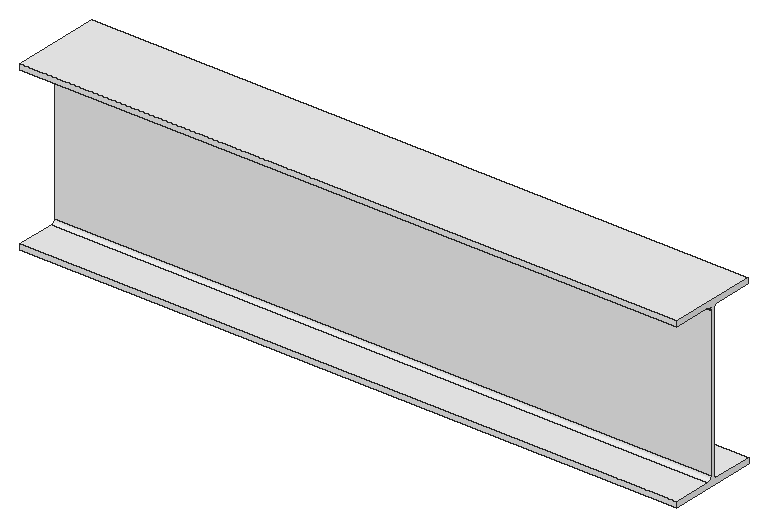
Revit family "M_W Formas", category Quadro estrutural, Revit 2019 (continued)
Types in the file's own list only (279): name | Largura | Espessura da teia | Concordância da teia | Constante da empena | Momento de inércia de torção | Chave do nome do corte | Área de corte | Eixo fraco do módulo plástico | Eixo forte do módulo plástico | Perímetro | Peso nominal | Eixo fraco do momento de inércia | Eixo forte do momento de inércia | Altura | Espessura do flange | Eixo fraco do módulo de elasticidade | Eixo forte do módulo de elasticidade | Centróide vertical | Centróide horizontal | Espaçamento do parafuso
  W460X315 | 295.00 mm | 26.90 mm | 10.20 mm | 11700000000000.0 mm6 | 24400000.00 mm4 | W18x211 | 40200.0 mm² | 2160000.0 mm³ | 8030000.0 mm³ | 2.16 m²/m | 315.00 kgf/m | 205000000.00 mm4 | 1800000000.00 mm4 | 526.00 mm | 48.50 mm | 1400000.0 mm³ | 6870000.0 mm³ | 263.00 mm | 147.50 mm | 139.7 mm
  W460X286 | 292.00 mm | 24.40 mm | 10.10 mm | 10200000000000.0 mm6 | 18600000.00 mm4 | W18x192 | 36300.0 mm² | 1950000.0 mm³ | 7240000.0 mm³ | 2.14 m²/m | 286.00 kgf/m | 183000000.00 mm4 | 1610000000.00 mm4 | 518.00 mm | 44.50 mm | 1260000.0 mm³ | 6230000.0 mm³ | 259.00 mm | 146.00 mm | 139.7 mm
  W460X260 | 290.00 mm | 22.60 mm | 10.10 mm | 8940000000000.0 mm6 | 14100000.00 mm4 | W18x175 | 33200.0 mm² | 1740000.0 mm³ | 6520000.0 mm³ | 2.11 m²/m | 260.00 kgf/m | 163000000.00 mm4 | 1440000000.00 mm4 | 508.00 mm | 40.40 mm | 1130000.0 mm³ | 5640000.0 mm³ | 254.00 mm | 145.00 mm | 139.7 mm
  W460X235 | 287.00 mm | 20.60 mm | 10.10 mm | 7790000000000.0 mm6 | 10500000.00 mm4 | W18x158 | 29900.0 mm² | 1550000.0 mm³ | 5830000.0 mm³ | 2.09 m²/m | 235.00 kgf/m | 144000000.00 mm4 | 1270000000.00 mm4 | 500.00 mm | 36.60 mm | 1010000.0 mm³ | 5080000.0 mm³ | 250.00 mm | 143.50 mm | 139.7 mm
  W460X213 | 284.00 mm | 18.50 mm | 10.20 mm | 6900000000000.0 mm6 | 7990000.00 mm4 | W18x143 | 27100.0 mm² | 1400000.0 mm³ | 5280000.0 mm³ | 2.07 m²/m | 213.00 kgf/m | 129000000.00 mm4 | 1140000000.00 mm4 | 495.00 mm | 33.50 mm | 909000.0 mm³ | 4620000.0 mm³ | 247.50 mm | 142.00 mm | 139.7 mm
  W460X193 | 284.00 mm | 17.00 mm | 10.10 mm | 6100000000000.0 mm6 | 6040000.00 mm4 | W18x130 | 24700.0 mm² | 1260000.0 mm³ | 4750000.0 mm³ | 2.07 m²/m | 193.00 kgf/m | 116000000.00 mm4 | 1020000000.00 mm4 | 490.00 mm | 30.50 mm | 818000.0 mm³ | 4200000.0 mm³ | 245.00 mm | 142.00 mm | 139.7 mm
  W460X177 | 287.00 mm | 16.60 mm | 10.20 mm | 5450000000000.0 mm6 | 4410000.00 mm4 | W18x119 | 22600.0 mm² | 1130000.0 mm³ | 4290000.0 mm³ | 2.06 m²/m | 177.00 kgf/m | 105000000.00 mm4 | 912000000.00 mm4 | 483.00 mm | 26.90 mm | 736000.0 mm³ | 3790000.0 mm³ | 241.50 mm | 143.50 mm | 139.7 mm
  W460X158 | 284.00 mm | 15.00 mm | 10.10 mm | 4670000000000.0 mm6 | 3110000.00 mm4 | W18x106 | 20100.0 mm² | 991000.0 mm³ | 3770000.0 mm³ | 2.04 m²/m | 158.00 kgf/m | 91600000.00 mm4 | 795000000.00 mm4 | 475.00 mm | 23.90 mm | 646000.0 mm³ | 3340000.0 mm³ | 237.50 mm | 142.00 mm | 139.7 mm
  W460X144 | 282.00 mm | 13.60 mm | 10.20 mm | 4240000000000.0 mm6 | 2440000.00 mm4 | W18x97 | 18400.0 mm² | 906000.0 mm³ | 3460000.0 mm³ | 2.03 m²/m | 144.00 kgf/m | 83700000.00 mm4 | 728000000.00 mm4 | 472.00 mm | 22.10 mm | 592000.0 mm³ | 3080000.0 mm³ | 236.00 mm | 141.00 mm | 139.7 mm
  W460X128 | 282.00 mm | 12.20 mm | 10.10 mm | 3650000000000.0 mm6 | 1710000.00 mm4 | W18x86 | 16300.0 mm² | 793000.0 mm³ | 3050000.0 mm³ | 2.02 m²/m | 128.00 kgf/m | 72800000.00 mm4 | 637000000.00 mm4 | 467.00 mm | 19.60 mm | 518000.0 mm³ | 2720000.0 mm³ | 233.50 mm | 141.00 mm | 139.7 mm
  W460X113 | 279.00 mm | 10.80 mm | 10.10 mm | 3140000000000.0 mm6 | 1180000.00 mm4 | W18x76 | 14400.0 mm² | 692000.0 mm³ | 2670000.0 mm³ | 2.00 m²/m | 113.00 kgf/m | 63300000.00 mm4 | 554000000.00 mm4 | 462.00 mm | 17.30 mm | 452000.0 mm³ | 2390000.0 mm³ | 231.00 mm | 139.50 mm | 139.7 mm
  W460X106 | 194.00 mm | 12.60 mm | 10.10 mm | 1260000000000.0 mm6 | 1450000.00 mm4 | W18x71 | 13500.0 mm² | 405000.0 mm³ | 2390000.0 mm³ | 1.67 m²/m | 106.00 kgf/m | 25100000.00 mm4 | 487000000.00 mm4 | 470.00 mm | 20.60 mm | 259000.0 mm³ | 2080000.0 mm³ | 235.00 mm | 97.00 mm | 88.9 mm
  W460X97 | 193.00 mm | 11.40 mm | 10.10 mm | 1140000000000.0 mm6 | 1140000.00 mm4 | W18x65 | 12300.0 mm² | 369000.0 mm³ | 2180000.0 mm³ | 1.67 m²/m | 97.00 kgf/m | 22800000.00 mm4 | 445000000.00 mm4 | 467.00 mm | 19.10 mm | 236000.0 mm³ | 1920000.0 mm³ | 233.50 mm | 96.50 mm | 88.9 mm
  W460X89 | 192.00 mm | 10.50 mm | 10.20 mm | 1030000000000.0 mm6 | 903000.00 mm4 | W18x60 | 11400.0 mm² | 338000.0 mm³ | 2020000.0 mm³ | 1.65 m²/m | 89.00 kgf/m | 20900000.00 mm4 | 410000000.00 mm4 | 462.00 mm | 17.70 mm | 218000.0 mm³ | 1770000.0 mm³ | 231.00 mm | 96.00 mm | 88.9 mm
  W460X82 | 191.00 mm | 9.91 mm | 10.20 mm | 921000000000.0 mm6 | 691000.00 mm4 | W18x55 | 10500.0 mm² | 303000.0 mm³ | 1840000.0 mm³ | 1.65 m²/m | 82.00 kgf/m | 18700000.00 mm4 | 370000000.00 mm4 | 460.00 mm | 16.00 mm | 195000.0 mm³ | 1610000.0 mm³ | 230.00 mm | 95.50 mm | 88.9 mm
  W460X74 | 191.00 mm | 9.02 mm | 10.20 mm | 816000000000.0 mm6 | 516000.00 mm4 | W18x50 | 9480.0 mm² | 272000.0 mm³ | 1660000.0 mm³ | 1.64 m²/m | 74.00 kgf/m | 16700000.00 mm4 | 333000000.00 mm4 | 457.00 mm | 14.50 mm | 175000.0 mm³ | 1460000.0 mm³ | 228.50 mm | 95.50 mm | 88.9 mm
  W460X68 | 154.00 mm | 9.14 mm | 10.30 mm | 462000000000.0 mm6 | 508000.00 mm4 | W18x46 | 8710.0 mm² | 192000.0 mm³ | 1490000.0 mm³ | 1.50 m²/m | 68.00 kgf/m | 9370000.00 mm4 | 296000000.00 mm4 | 460.00 mm | 15.40 mm | 122000.0 mm³ | 1290000.0 mm³ | 230.00 mm | 77.00 mm | 88.9 mm
  W460X60 | 153.00 mm | 8.00 mm | 10.20 mm | 387000000000.0 mm6 | 337000.00 mm4 | W18x40 | 7610.0 mm² | 164000.0 mm³ | 1280000.0 mm³ | 1.49 m²/m | 60.00 kgf/m | 7950000.00 mm4 | 255000000.00 mm4 | 455.00 mm | 13.30 mm | 104000.0 mm³ | 1120000.0 mm³ | 227.50 mm | 76.50 mm | 88.9 mm
  W460X52 | 152.00 mm | 7.62 mm | 10.20 mm | 306000000000.0 mm6 | 211000.00 mm4 | W18x35 | 6650.0 mm² | 132000.0 mm³ | 1090000.0 mm³ | 1.48 m²/m | 52.00 kgf/m | 6370000.00 mm4 | 212000000.00 mm4 | 450.00 mm | 10.80 mm | 83900.0 mm³ | 944000.0 mm³ | 225.00 mm | 76.00 mm | 88.9 mm
  W410X149 | 264.00 mm | 14.90 mm | 10.30 mm | 3200000000000.0 mm6 | 3220000.00 mm4 | W16x100 | 19000.0 mm² | 900000.0 mm³ | 3240000.0 mm³ | 1.87 m²/m | 149.00 kgf/m | 77400000.00 mm4 | 620000000.00 mm4 | 432.00 mm | 25.00 mm | 585000.0 mm³ | 2870000.0 mm³ | 216.00 mm | 132.00 mm | 139.7 mm
  W410X132 | 264.00 mm | 13.30 mm | 10.30 mm | 2740000000000.0 mm6 | 2270000.00 mm4 | W16x89 | 16900.0 mm² | 788000.0 mm³ | 2870000.0 mm³ | 1.87 m²/m | 132.00 kgf/m | 67800000.00 mm4 | 541000000.00 mm4 | 427.00 mm | 22.20 mm | 515000.0 mm³ | 2540000.0 mm³ | 213.50 mm | 132.00 mm | 139.7 mm
  W410X114 | 262.00 mm | 11.60 mm | 10.20 mm | 2310000000000.0 mm6 | 1490000.00 mm4 | W16x77 | 14600.0 mm² | 674000.0 mm³ | 2460000.0 mm³ | 1.84 m²/m | 114.00 kgf/m | 57400000.00 mm4 | 462000000.00 mm4 | 419.00 mm | 19.30 mm | 441000.0 mm³ | 2200000.0 mm³ | 209.50 mm | 131.00 mm | 139.7 mm
  W410X100 | 259.00 mm | 10.00 mm | 10.30 mm | 1960000000000.0 mm6 | 995000.00 mm4 | W16x67 | 12600.0 mm² | 582000.0 mm³ | 2130000.0 mm³ | 1.83 m²/m | 100.00 kgf/m | 49500000.00 mm4 | 397000000.00 mm4 | 414.00 mm | 16.90 mm | 380000.0 mm³ | 1920000.0 mm³ | 207.00 mm | 129.50 mm | 139.7 mm
  W410X85 | 181.00 mm | 10.90 mm | 10.20 mm | 714000000000.0 mm6 | 924000.00 mm4 | W16x57 | 10800.0 mm² | 310000.0 mm³ | 1720000.0 mm³ | 1.52 m²/m | 85.00 kgf/m | 17900000.00 mm4 | 316000000.00 mm4 | 417.00 mm | 18.20 mm | 198000.0 mm³ | 1510000.0 mm³ | 208.50 mm | 90.50 mm | 88.9 mm
  W410X75 | 180.00 mm | 9.65 mm | 10.20 mm | 610000000000.0 mm6 | 633000.00 mm4 | W16x50 | 9480.0 mm² | 267000.0 mm³ | 1510000.0 mm³ | 1.51 m²/m | 75.00 kgf/m | 15500000.00 mm4 | 274000000.00 mm4 | 414.00 mm | 16.00 mm | 172000.0 mm³ | 1330000.0 mm³ | 207.00 mm | 90.00 mm | 88.9 mm
  W410X67 | 179.00 mm | 8.76 mm | 10.20 mm | 534000000000.0 mm6 | 462000.00 mm4 | W16x45 | 8580.0 mm² | 238000.0 mm³ | 1350000.0 mm³ | 1.50 m²/m | 67.00 kgf/m | 13700000.00 mm4 | 244000000.00 mm4 | 409.00 mm | 14.40 mm | 153000.0 mm³ | 1190000.0 mm³ | 204.50 mm | 89.50 mm | 88.9 mm
  W410X60 | 178.00 mm | 7.75 mm | 10.20 mm | 465000000000.0 mm6 | 330000.00 mm4 | W16x40 | 7610.0 mm² | 208000.0 mm³ | 1200000.0 mm³ | 1.49 m²/m | 60.00 kgf/m | 12000000.00 mm4 | 216000000.00 mm4 | 406.00 mm | 12.80 mm | 135000.0 mm³ | 1060000.0 mm³ | 203.00 mm | 89.00 mm | 88.9 mm
  W410X53 | 178.00 mm | 7.49 mm | 10.20 mm | 392000000000.0 mm6 | 227000.00 mm4 | W16x36 | 6840.0 mm² | 177000.0 mm³ | 1050000.0 mm³ | 1.49 m²/m | 53.00 kgf/m | 10200000.00 mm4 | 186000000.00 mm4 | 404.00 mm | 10.90 mm | 115000.0 mm³ | 926000.0 mm³ | 202.00 mm | 89.00 mm | 88.9 mm
  W410X46.1 | 140.00 mm | 6.99 mm | 10.20 mm | 198000000000.0 mm6 | 192000.00 mm4 | W16x31 | 5890.0 mm² | 115000.0 mm³ | 885000.0 mm³ | 1.34 m²/m | 46.10 kgf/m | 5160000.00 mm4 | 156000000.00 mm4 | 404.00 mm | 11.20 mm | 73600.0 mm³ | 773000.0 mm³ | 202.00 mm | 70.00 mm | 88.9 mm
  W410X38.8 | 140.00 mm | 6.35 mm | 10.24 mm | 152000000000.0 mm6 | 109000.00 mm4 | W16x26 | 4950.0 mm² | 89800.0 mm³ | 724000.0 mm³ | 1.33 m²/m | 38.80 kgf/m | 3990000.00 mm4 | 125000000.00 mm4 | 399.00 mm | 8.76 mm | 57200.0 mm³ | 629000.0 mm³ | 199.50 mm | 70.00 mm | 88.9 mm
  W360X1086 | 455.00 mm | 78.00 mm | 15.00 mm | 97200000000000.0 mm6 | 604000000.00 mm4 | W14x730 | 139000.0 mm² | 13400000.0 mm³ | 27200000.0 mm³ | 2.77 m²/m | 1090.00 kgf/m | 1960000000.00 mm4 | 5950000000.00 mm4 | 569.00 mm | 125.00 mm | 8640000.0 mm³ | 21000000.0 mm³ | 284.50 mm | 227.50 mm | 190.5 mm
  W360X990 | 450.00 mm | 71.90 mm | 15.00 mm | 81900000000000.0 mm6 | 466000000.00 mm4 | W14x665 | 126000.0 mm² | 12000000.0 mm³ | 24300000.0 mm³ | 2.72 m²/m | 990.00 kgf/m | 1740000000.00 mm4 | 5160000000.00 mm4 | 549.00 mm | 115.00 mm | 7730000.0 mm³ | 18800000.0 mm³ | 274.50 mm | 225.00 mm | 190.5 mm
  W360X900 | 442.00 mm | 66.00 mm | 15.00 mm | 69300000000000.0 mm6 | 362000000.00 mm4 | W14x605 | 115000.0 mm² | 10700000.0 mm³ | 21600000.0 mm³ | 2.67 m²/m | 900.00 kgf/m | 1530000000.00 mm4 | 4500000000.00 mm4 | 531.00 mm | 106.00 mm | 6930000.0 mm³ | 17000000.0 mm³ | 265.50 mm | 221.00 mm | 190.5 mm
  W360X818 | 437.00 mm | 60.50 mm | 15.00 mm | 58800000000000.0 mm6 | 278000000.00 mm4 | W14x550 | 105000.0 mm² | 9550000.0 mm³ | 19300000.0 mm³ | 2.62 m²/m | 818.00 kgf/m | 1350000000.00 mm4 | 3930000000.00 mm4 | 513.00 mm | 97.00 mm | 6190000.0 mm³ | 15300000.0 mm³ | 256.50 mm | 218.50 mm | 190.5 mm
  W360X744 | 432.00 mm | 55.60 mm | 15.10 mm | 50200000000000.0 mm6 | 214000000.00 mm4 | W14x500 | 94800.0 mm² | 8550000.0 mm³ | 17200000.0 mm³ | 2.59 m²/m | 744.00 kgf/m | 1200000000.00 mm4 | 3420000000.00 mm4 | 498.00 mm | 88.90 mm | 5560000.0 mm³ | 13700000.0 mm³ | 249.00 mm | 216.00 mm | 190.5 mm
  W360X677 | 427.00 mm | 51.30 mm | 15.30 mm | 43000000000000.0 mm6 | 164000000.00 mm4 | W14x455 | 86500.0 mm² | 7670000.0 mm³ | 15300000.0 mm³ | 2.54 m²/m | 677.00 kgf/m | 1070000000.00 mm4 | 2990000000.00 mm4 | 483.00 mm | 81.50 mm | 4980000.0 mm³ | 12400000.0 mm³ | 241.50 mm | 213.50 mm | 190.5 mm
  W360X634 | 424.00 mm | 47.80 mm | 15.00 mm | 38700000000000.0 mm6 | 138000000.00 mm4 | W14x426 | 80600.0 mm² | 7110000.0 mm³ | 14200000.0 mm³ | 2.52 m²/m | 634.00 kgf/m | 982000000.00 mm4 | 2750000000.00 mm4 | 475.00 mm | 77.20 mm | 4640000.0 mm³ | 11600000.0 mm³ | 237.50 mm | 212.00 mm | 190.5 mm
  W360X592 | 422.00 mm | 45.00 mm | 15.00 mm | 34600000000000.0 mm6 | 114000000.00 mm4 | W14x398 | 75500.0 mm² | 6590000.0 mm³ | 13100000.0 mm³ | 2.50 m²/m | 592.00 kgf/m | 903000000.00 mm4 | 2500000000.00 mm4 | 465.00 mm | 72.40 mm | 4290000.0 mm³ | 10700000.0 mm³ | 232.50 mm | 211.00 mm | 190.5 mm
  W360X551 | 419.00 mm | 42.20 mm | 15.20 mm | 31200000000000.0 mm6 | 92400000.00 mm4 | W14x370 | 70300.0 mm² | 6060000.0 mm³ | 12100000.0 mm³ | 2.48 m²/m | 551.00 kgf/m | 828000000.00 mm4 | 2260000000.00 mm4 | 455.00 mm | 67.60 mm | 3950000.0 mm³ | 9950000.0 mm³ | 227.50 mm | 209.50 mm | 190.5 mm
  W360X509 | 417.00 mm | 39.10 mm | 15.30 mm | 27700000000000.0 mm6 | 74100000.00 mm4 | W14x342 | 65200.0 mm² | 5540000.0 mm³ | 11000000.0 mm³ | 2.45 m²/m | 509.00 kgf/m | 753000000.00 mm4 | 2040000000.00 mm4 | 445.00 mm | 62.70 mm | 3620000.0 mm³ | 9140000.0 mm³ | 222.50 mm | 208.50 mm | 190.5 mm
  W360X463 | 411.00 mm | 35.80 mm | 15.20 mm | 23900000000000.0 mm6 | 56600000.00 mm4 | W14x311 | 59000.0 mm² | 4980000.0 mm³ | 9880000.0 mm³ | 2.42 m²/m | 463.00 kgf/m | 670000000.00 mm4 | 1800000000.00 mm4 | 434.00 mm | 57.40 mm | 3260000.0 mm³ | 8290000.0 mm³ | 217.00 mm | 205.50 mm | 190.5 mm
  W360X421 | 409.00 mm | 32.80 mm | 15.20 mm | 20900000000000.0 mm6 | 43300000.00 mm4 | W14x283 | 53700.0 mm² | 4490000.0 mm³ | 8880000.0 mm³ | 2.39 m²/m | 421.00 kgf/m | 599000000.00 mm4 | 1600000000.00 mm4 | 424.00 mm | 52.60 mm | 2930000.0 mm³ | 7520000.0 mm³ | 212.00 mm | 204.50 mm | 190.5 mm
  W360X382 | 406.00 mm | 30.00 mm | 15.20 mm | 18200000000000.0 mm6 | 32900000.00 mm4 | W14x257 | 48800.0 mm² | 4030000.0 mm³ | 7980000.0 mm³ | 2.37 m²/m | 382.00 kgf/m | 537000000.00 mm4 | 1420000000.00 mm4 | 417.00 mm | 48.00 mm | 2640000.0 mm³ | 6800000.0 mm³ | 208.50 mm | 203.00 mm | 190.5 mm
  W360X347 | 404.00 mm | 27.20 mm | 15.20 mm | 15800000000000.0 mm6 | 24800000.00 mm4 | W14x233 | 44200.0 mm² | 3620000.0 mm³ | 7140000.0 mm³ | 2.35 m²/m | 347.00 kgf/m | 479000000.00 mm4 | 1250000000.00 mm4 | 406.00 mm | 43.70 mm | 2380000.0 mm³ | 6150000.0 mm³ | 203.00 mm | 202.00 mm | 190.5 mm
  W360X314 | 401.00 mm | 24.90 mm | 15.30 mm | 13800000000000.0 mm6 | 18600000.00 mm4 | W14x211 | 40000.0 mm² | 3240000.0 mm³ | 6390000.0 mm³ | 2.33 m²/m | 314.00 kgf/m | 429000000.00 mm4 | 1110000000.00 mm4 | 399.00 mm | 39.60 mm | 2130000.0 mm³ | 5540000.0 mm³ | 199.50 mm | 200.50 mm | 190.5 mm
  W360X287 | 399.00 mm | 22.60 mm | 15.20 mm | 12300000000000.0 mm6 | 14500000.00 mm4 | W14x193 | 36600.0 mm² | 2950000.0 mm³ | 5820000.0 mm³ | 2.31 m²/m | 287.00 kgf/m | 388000000.00 mm4 | 999000000.00 mm4 | 394.00 mm | 36.60 mm | 1950000.0 mm³ | 5080000.0 mm³ | 197.00 mm | 199.50 mm | 190.5 mm
  W360X262 | 399.00 mm | 21.10 mm | 15.20 mm | 10900000000000.0 mm6 | 11000000.00 mm4 | W14x176 | 33400.0 mm² | 2670000.0 mm³ | 5240000.0 mm³ | 2.30 m²/m | 262.00 kgf/m | 349000000.00 mm4 | 891000000.00 mm4 | 386.00 mm | 33.30 mm | 1750000.0 mm³ | 4600000.0 mm³ | 193.00 mm | 199.50 mm | 190.5 mm
  W360X237 | 396.00 mm | 18.90 mm | 15.30 mm | 9560000000000.0 mm6 | 8200000.00 mm4 | W14x159 | 30100.0 mm² | 2390000.0 mm³ | 4700000.0 mm³ | 2.28 m²/m | 237.00 kgf/m | 311000000.00 mm4 | 791000000.00 mm4 | 381.00 mm | 30.20 mm | 1580000.0 mm³ | 4160000.0 mm³ | 190.50 mm | 198.00 mm | 190.5 mm
  W360X216 | 394.00 mm | 17.30 mm | 15.20 mm | 8510000000000.0 mm6 | 6330000.00 mm4 | W14x145 | 27500.0 mm² | 2180000.0 mm³ | 4260000.0 mm³ | 2.27 m²/m | 216.00 kgf/m | 282000000.00 mm4 | 712000000.00 mm4 | 376.00 mm | 27.70 mm | 1430000.0 mm³ | 3800000.0 mm³ | 188.00 mm | 197.00 mm | 190.5 mm
  W360X196 | 373.00 mm | 16.40 mm | 15.20 mm | 6850000000000.0 mm6 | 5120000.00 mm4 | W14x132 | 25000.0 mm² | 1850000.0 mm³ | 3830000.0 mm³ | 2.18 m²/m | 196.00 kgf/m | 228000000.00 mm4 | 637000000.00 mm4 | 373.00 mm | 26.20 mm | 1220000.0 mm³ | 3420000.0 mm³ | 186.50 mm | 186.50 mm | 139.7 mm
  W360X179 | 373.00 mm | 15.00 mm | 15.20 mm | 6100000000000.0 mm6 | 3900000.00 mm4 | W14x120 | 22800.0 mm² | 1670000.0 mm³ | 3470000.0 mm³ | 2.17 m²/m | 179.00 kgf/m | 206000000.00 mm4 | 574000000.00 mm4 | 368.00 mm | 23.90 mm | 1110000.0 mm³ | 3110000.0 mm³ | 184.00 mm | 186.50 mm | 139.7 mm
  W360X162 | 371.00 mm | 13.30 mm | 15.30 mm | 5420000000000.0 mm6 | 2960000.00 mm4 | W14x109 | 20600.0 mm² | 1520000.0 mm³ | 3150000.0 mm³ | 2.16 m²/m | 162.00 kgf/m | 186000000.00 mm4 | 516000000.00 mm4 | 363.00 mm | 21.80 mm | 1000000.0 mm³ | 2830000.0 mm³ | 181.50 mm | 185.50 mm | 139.7 mm
  W360X147 | 371.00 mm | 12.30 mm | 15.30 mm | 4830000000000.0 mm6 | 2240000.00 mm4 | W14x99 | 18800.0 mm² | 1370000.0 mm³ | 2830000.0 mm³ | 2.15 m²/m | 147.00 kgf/m | 167000000.00 mm4 | 462000000.00 mm4 | 361.00 mm | 19.80 mm | 905000.0 mm³ | 2570000.0 mm³ | 180.50 mm | 185.50 mm | 139.7 mm
  W360X134 | 368.00 mm | 11.20 mm | 15.30 mm | 4300000000000.0 mm6 | 1690000.00 mm4 | W14x90 | 17100.0 mm² | 1240000.0 mm³ | 2570000.0 mm³ | 2.14 m²/m | 134.00 kgf/m | 151000000.00 mm4 | 416000000.00 mm4 | 356.00 mm | 18.00 mm | 818000.0 mm³ | 2340000.0 mm³ | 178.00 mm | 184.00 mm | 139.7 mm
  W360X122 | 257.00 mm | 13.00 mm | 15.10 mm | 1800000000000.0 mm6 | 2110000.00 mm4 | W14x82 | 15500.0 mm² | 734000.0 mm³ | 2280000.0 mm³ | 1.70 m²/m | 122.00 kgf/m | 61600000.00 mm4 | 367000000.00 mm4 | 363.00 mm | 21.70 mm | 480000.0 mm³ | 2020000.0 mm³ | 181.50 mm | 128.50 mm | 139.7 mm
  W360X110 | 257.00 mm | 11.40 mm | 15.20 mm | 1610000000000.0 mm6 | 1610000.00 mm4 | W14x74 | 14100.0 mm² | 664000.0 mm³ | 2060000.0 mm³ | 1.70 m²/m | 110.00 kgf/m | 55800000.00 mm4 | 331000000.00 mm4 | 361.00 mm | 19.90 mm | 436000.0 mm³ | 1840000.0 mm³ | 180.50 mm | 128.50 mm | 139.7 mm
  W360X101 | 254.00 mm | 10.50 mm | 15.00 mm | 1440000000000.0 mm6 | 1250000.00 mm4 | W14x68 | 12900.0 mm² | 605000.0 mm³ | 1880000.0 mm³ | 1.68 m²/m | 101.00 kgf/m | 50400000.00 mm4 | 301000000.00 mm4 | 356.00 mm | 18.30 mm | 397000.0 mm³ | 1690000.0 mm³ | 178.00 mm | 127.00 mm | 139.7 mm
  W360X91 | 254.00 mm | 9.53 mm | 15.10 mm | 1260000000000.0 mm6 | 912000.00 mm4 | W14x61 | 11500.0 mm² | 537000.0 mm³ | 1670000.0 mm³ | 1.68 m²/m | 91.00 kgf/m | 44500000.00 mm4 | 266000000.00 mm4 | 353.00 mm | 16.40 mm | 352000.0 mm³ | 1510000.0 mm³ | 176.50 mm | 127.00 mm | 139.7 mm
  W360X79 | 205.00 mm | 9.40 mm | 15.00 mm | 682000000000.0 mm6 | 807000.00 mm4 | W14x53 | 10100.0 mm² | 361000.0 mm³ | 1430000.0 mm³ | 1.48 m²/m | 79.00 kgf/m | 24000000.00 mm4 | 225000000.00 mm4 | 353.00 mm | 16.80 mm | 234000.0 mm³ | 1270000.0 mm³ | 176.50 mm | 102.50 mm | 139.7 mm
  W360X72 | 204.00 mm | 8.64 mm | 15.10 mm | 602000000000.0 mm6 | 604000.00 mm4 | W14x48 | 9100.0 mm² | 321000.0 mm³ | 1280000.0 mm³ | 1.47 m²/m | 72.00 kgf/m | 21400000.00 mm4 | 201000000.00 mm4 | 351.00 mm | 15.10 mm | 210000.0 mm³ | 1150000.0 mm³ | 175.50 mm | 102.00 mm | 139.7 mm
  W360X64 | 203.00 mm | 7.75 mm | 14.90 mm | 524000000000.0 mm6 | 437000.00 mm4 | W14x43 | 8130.0 mm² | 283000.0 mm³ | 1140000.0 mm³ | 1.47 m²/m | 64.00 kgf/m | 18800000.00 mm4 | 178000000.00 mm4 | 348.00 mm | 13.50 mm | 185000.0 mm³ | 1030000.0 mm³ | 174.00 mm | 101.50 mm | 139.7 mm
  W360X57.8 | 172.00 mm | 7.87 mm | 10.10 mm | 330000000000.0 mm6 | 332000.00 mm4 | W14x38 | 7230.0 mm² | 198000.0 mm³ | 1010000.0 mm³ | 1.37 m²/m | 57.80 kgf/m | 11100000.00 mm4 | 160000000.00 mm4 | 358.00 mm | 13.10 mm | 129000.0 mm³ | 895000.0 mm³ | 179.00 mm | 86.00 mm | 88.9 mm
  W360X51 | 171.00 mm | 7.24 mm | 10.10 mm | 287000000000.0 mm6 | 237000.00 mm4 | W14x34 | 6450.0 mm² | 174000.0 mm³ | 895000.0 mm³ | 1.36 m²/m | 51.00 kgf/m | 9700000.00 mm4 | 142000000.00 mm4 | 356.00 mm | 11.60 mm | 113000.0 mm³ | 796000.0 mm³ | 178.00 mm | 85.50 mm | 88.9 mm
  W360X44 | 171.00 mm | 6.86 mm | 10.12 mm | 238000000000.0 mm6 | 158000.00 mm4 | W14x30 | 5710.0 mm² | 147000.0 mm³ | 775000.0 mm³ | 1.35 m²/m | 44.00 kgf/m | 8160000.00 mm4 | 121000000.00 mm4 | 351.00 mm | 9.78 mm | 95400.0 mm³ | 688000.0 mm³ | 175.50 mm | 85.50 mm | 88.9 mm
  W360X39 | 128.00 mm | 6.48 mm | 10.10 mm | 109000000000.0 mm6 | 149000.00 mm4 | W14x26 | 4960.0 mm² | 90800.0 mm³ | 659000.0 mm³ | 1.19 m²/m | 39.00 kgf/m | 3710000.00 mm4 | 102000000.00 mm4 | 353.00 mm | 10.70 mm | 58200.0 mm³ | 578000.0 mm³ | 176.50 mm | 64.00 mm | 69.9 mm
  W360X32.9 | 127.00 mm | 5.84 mm | 10.19 mm | 84300000000.0 mm6 | 86600.00 mm4 | W14x22 | 4190.0 mm² | 71900.0 mm³ | 544000.0 mm³ | 1.18 m²/m | 32.90 kgf/m | 2910000.00 mm4 | 82800000.00 mm4 | 348.00 mm | 8.51 mm | 45900.0 mm³ | 475000.0 mm³ | 174.00 mm | 63.50 mm | 69.9 mm
  W310X500 | 340.00 mm | 45.20 mm | 15.00 mm | 15300000000000.0 mm6 | 101000000.00 mm4 | W12x336 | 63800.0 mm² | 4490000.0 mm³ | 9880000.0 mm³ | 2.10 m²/m | 500.00 kgf/m | 495000000.00 mm4 | 1690000000.00 mm4 | 427.00 mm | 75.20 mm | 2900000.0 mm³ | 7910000.0 mm³ | 213.50 mm | 170.00 mm | 139.7 mm
  W310X454 | 335.00 mm | 41.40 mm | 15.00 mm | 13100000000000.0 mm6 | 77000000.00 mm4 | W12x305 | 57700.0 mm² | 4000000.0 mm³ | 8800000.0 mm³ | 2.06 m²/m | 454.00 kgf/m | 437000000.00 mm4 | 1480000000.00 mm4 | 414.00 mm | 68.80 mm | 2610000.0 mm³ | 7130000.0 mm³ | 207.00 mm | 167.50 mm | 139.7 mm
  W310X415 | 333.00 mm | 38.90 mm | 15.30 mm | 11300000000000.0 mm6 | 59500000.00 mm4 | W12x279 | 52800.0 mm² | 3610000.0 mm³ | 7880000.0 mm³ | 2.03 m²/m | 415.00 kgf/m | 390000000.00 mm4 | 1290000000.00 mm4 | 404.00 mm | 62.70 mm | 2340000.0 mm³ | 6440000.0 mm³ | 202.00 mm | 166.50 mm | 139.7 mm
  W310X375 | 330.00 mm | 35.60 mm | 15.20 mm | 9610000000000.0 mm6 | 45000000.00 mm4 | W12x252 | 47800.0 mm² | 3210000.0 mm³ | 7010000.0 mm³ | 2.01 m²/m | 375.00 kgf/m | 345000000.00 mm4 | 1130000000.00 mm4 | 391.00 mm | 57.20 mm | 2080000.0 mm³ | 5780000.0 mm³ | 195.50 mm | 165.00 mm | 139.7 mm
  W310X342 | 328.00 mm | 32.80 mm | 15.20 mm | 8380000000000.0 mm6 | 34900000.00 mm4 | W12x230 | 43700.0 mm² | 2900000.0 mm³ | 6330000.0 mm³ | 1.99 m²/m | 342.00 kgf/m | 309000000.00 mm4 | 1010000000.00 mm4 | 384.00 mm | 52.60 mm | 1880000.0 mm³ | 5260000.0 mm³ | 192.00 mm | 164.00 mm | 139.7 mm
  W310X313 | 325.00 mm | 30.00 mm | 15.20 mm | 7300000000000.0 mm6 | 26900000.00 mm4 | W12x210 | 39900.0 mm² | 2610000.0 mm³ | 5700000.0 mm³ | 1.96 m²/m | 313.00 kgf/m | 276000000.00 mm4 | 891000000.00 mm4 | 373.00 mm | 48.30 mm | 1700000.0 mm³ | 4790000.0 mm³ | 186.50 mm | 162.50 mm | 139.7 mm
  W310X283 | 323.00 mm | 26.90 mm | 15.00 mm | 6340000000000.0 mm6 | 20300000.00 mm4 | W12x190 | 36100.0 mm² | 2340000.0 mm³ | 5100000.0 mm³ | 1.94 m²/m | 283.00 kgf/m | 245000000.00 mm4 | 787000000.00 mm4 | 366.00 mm | 44.20 mm | 1520000.0 mm³ | 4310000.0 mm³ | 183.00 mm | 161.50 mm | 139.7 mm
  W310X253 | 320.00 mm | 24.40 mm | 15.30 mm | 5400000000000.0 mm6 | 14800000.00 mm4 | W12x170 | 32300.0 mm² | 2060000.0 mm³ | 4510000.0 mm³ | 1.92 m²/m | 253.00 kgf/m | 215000000.00 mm4 | 687000000.00 mm4 | 356.00 mm | 39.60 mm | 1350000.0 mm³ | 3850000.0 mm³ | 178.00 mm | 160.00 mm | 139.7 mm
  W310X226 | 318.00 mm | 22.10 mm | 15.20 mm | 4620000000000.0 mm6 | 10700000.00 mm4 | W12x152 | 28800.0 mm² | 1820000.0 mm³ | 3980000.0 mm³ | 1.89 m²/m | 226.00 kgf/m | 189000000.00 mm4 | 595000000.00 mm4 | 348.00 mm | 35.60 mm | 1190000.0 mm³ | 3420000.0 mm³ | 174.00 mm | 159.00 mm | 139.7 mm
  W310X202 | 315.00 mm | 20.10 mm | 15.20 mm | 3950000000000.0 mm6 | 7700000.00 mm4 | W12x136 | 25700.0 mm² | 1610000.0 mm³ | 3510000.0 mm³ | 1.87 m²/m | 202.00 kgf/m | 166000000.00 mm4 | 516000000.00 mm4 | 340.00 mm | 31.80 mm | 1050000.0 mm³ | 3050000.0 mm³ | 170.00 mm | 157.50 mm | 139.7 mm
  W310X179 | 312.00 mm | 18.00 mm | 15.00 mm | 3330000000000.0 mm6 | 5370000.00 mm4 | W12x120 | 22700.0 mm² | 1400000.0 mm³ | 3050000.0 mm³ | 1.85 m²/m | 179.00 kgf/m | 144000000.00 mm4 | 445000000.00 mm4 | 333.00 mm | 28.20 mm | 918000.0 mm³ | 2670000.0 mm³ | 166.50 mm | 156.00 mm | 139.7 mm
  W310X158 | 310.00 mm | 15.50 mm | 15.30 mm | 2870000000000.0 mm6 | 3800000.00 mm4 | W12x106 | 20100.0 mm² | 1230000.0 mm³ | 2690000.0 mm³ | 1.84 m²/m | 158.00 kgf/m | 125000000.00 mm4 | 388000000.00 mm4 | 328.00 mm | 25.10 mm | 808000.0 mm³ | 2380000.0 mm³ | 164.00 mm | 155.00 mm | 139.7 mm
  W310X143 | 310.00 mm | 14.00 mm | 15.20 mm | 2530000000000.0 mm6 | 2850000.00 mm4 | W12x96 | 18200.0 mm² | 1110000.0 mm³ | 2410000.0 mm³ | 1.83 m²/m | 143.00 kgf/m | 112000000.00 mm4 | 347000000.00 mm4 | 323.00 mm | 22.90 mm | 728000.0 mm³ | 2150000.0 mm³ | 161.50 mm | 155.00 mm | 139.7 mm
  W310X129 | 307.00 mm | 13.10 mm | 15.20 mm | 2220000000000.0 mm6 | 2120000.00 mm4 | W12x87 | 16500.0 mm² | 990000.0 mm³ | 2160000.0 mm³ | 1.81 m²/m | 129.00 kgf/m | 100000000.00 mm4 | 308000000.00 mm4 | 318.00 mm | 20.60 mm | 651000.0 mm³ | 1930000.0 mm³ | 159.00 mm | 153.50 mm | 139.7 mm
  W310X117 | 307.00 mm | 11.90 mm | 15.10 mm | 1970000000000.0 mm6 | 1600000.00 mm4 | W12x79 | 15000.0 mm² | 890000.0 mm³ | 1950000.0 mm³ | 1.81 m²/m | 117.00 kgf/m | 89900000.00 mm4 | 276000000.00 mm4 | 315.00 mm | 18.70 mm | 587000.0 mm³ | 1750000.0 mm³ | 157.50 mm | 153.50 mm | 139.7 mm
  W310X107 | 305.00 mm | 10.90 mm | 15.30 mm | 1760000000000.0 mm6 | 1220000.00 mm4 | W12x72 | 13600.0 mm² | 806000.0 mm³ | 1770000.0 mm³ | 1.80 m²/m | 107.00 kgf/m | 81200000.00 mm4 | 248000000.00 mm4 | 312.00 mm | 17.00 mm | 531000.0 mm³ | 1600000.0 mm³ | 156.00 mm | 152.50 mm | 139.7 mm
  W310X97 | 305.00 mm | 9.91 mm | 15.10 mm | 1550000000000.0 mm6 | 907000.00 mm4 | W12x65 | 12300.0 mm² | 723000.0 mm³ | 1590000.0 mm³ | 1.79 m²/m | 97.00 kgf/m | 72400000.00 mm4 | 222000000.00 mm4 | 307.00 mm | 15.40 mm | 477000.0 mm³ | 1440000.0 mm³ | 153.50 mm | 152.50 mm | 139.7 mm
  W310X86 | 254.00 mm | 9.14 mm | 15.20 mm | 959000000000.0 mm6 | 874000.00 mm4 | W12x58 | 11000.0 mm² | 533000.0 mm³ | 1420000.0 mm³ | 1.59 m²/m | 86.00 kgf/m | 44500000.00 mm4 | 198000000.00 mm4 | 310.00 mm | 16.30 mm | 351000.0 mm³ | 1280000.0 mm³ | 155.00 mm | 127.00 mm | 139.7 mm
  W310X79 | 254.00 mm | 8.76 mm | 15.40 mm | 849000000000.0 mm6 | 658000.00 mm4 | W12x53 | 10100.0 mm² | 477000.0 mm³ | 1280000.0 mm³ | 1.59 m²/m | 79.00 kgf/m | 39900000.00 mm4 | 177000000.00 mm4 | 307.00 mm | 14.60 mm | 315000.0 mm³ | 1160000.0 mm³ | 153.50 mm | 127.00 mm | 139.7 mm
  W310X74 | 205.00 mm | 9.40 mm | 12.70 mm | 505000000000.0 mm6 | 712000.00 mm4 | W12x50 | 9420.0 mm² | 349000.0 mm³ | 1180000.0 mm³ | 1.40 m²/m | 74.00 kgf/m | 23400000.00 mm4 | 163000000.00 mm4 | 310.00 mm | 16.30 mm | 228000.0 mm³ | 1050000.0 mm³ | 155.00 mm | 102.50 mm | 139.7 mm
  W310X67 | 204.00 mm | 8.51 mm | 12.80 mm | 443000000000.0 mm6 | 524000.00 mm4 | W12x45 | 8450.0 mm² | 311000.0 mm³ | 1050000.0 mm³ | 1.39 m²/m | 67.00 kgf/m | 20800000.00 mm4 | 145000000.00 mm4 | 307.00 mm | 14.60 mm | 203000.0 mm³ | 946000.0 mm³ | 153.50 mm | 102.00 mm | 139.7 mm
  W310X60 | 203.00 mm | 7.49 mm | 12.80 mm | 387000000000.0 mm6 | 377000.00 mm4 | W12x40 | 7550.0 mm² | 275000.0 mm³ | 934000.0 mm³ | 1.38 m²/m | 60.00 kgf/m | 18400000.00 mm4 | 128000000.00 mm4 | 302.00 mm | 13.10 mm | 180000.0 mm³ | 844000.0 mm³ | 151.00 mm | 101.50 mm | 139.7 mm
  W310X52 | 167.00 mm | 7.62 mm | 7.60 mm | 236000000000.0 mm6 | 308000.00 mm4 | W12x35 | 6650.0 mm² | 188000.0 mm³ | 839000.0 mm³ | 1.27 m²/m | 52.00 kgf/m | 10200000.00 mm4 | 119000000.00 mm4 | 318.00 mm | 13.20 mm | 122000.0 mm³ | 747000.0 mm³ | 159.00 mm | 83.50 mm | 88.9 mm
  W310X44.5 | 166.00 mm | 6.60 mm | 7.60 mm | 193000000000.0 mm6 | 190000.00 mm4 | W12x30 | 5670.0 mm² | 157000.0 mm³ | 706000.0 mm³ | 1.26 m²/m | 44.50 kgf/m | 8450000.00 mm4 | 99100000.00 mm4 | 312.00 mm | 11.20 mm | 102000.0 mm³ | 633000.0 mm³ | 156.00 mm | 83.00 mm | 88.9 mm
  W310X32.7 | 102.00 mm | 6.60 mm | 7.60 mm | 44000000000.0 mm6 | 122000.00 mm4 | W12x22 | 4180.0 mm² | 60000.0 mm³ | 480000.0 mm³ | 1.01 m²/m | 32.70 kgf/m | 1940000.00 mm4 | 64900000.00 mm4 | 312.00 mm | 10.80 mm | 37900.0 mm³ | 416000.0 mm³ | 156.00 mm | 51.00 mm | 57.2 mm
  W310X28.3 | 102.00 mm | 5.97 mm | 7.61 mm | 35200000000.0 mm6 | 74900.00 mm4 | W12x19 | 3590.0 mm² | 48800.0 mm³ | 405000.0 mm³ | 1.00 m²/m | 28.30 kgf/m | 1570000.00 mm4 | 54100000.00 mm4 | 310.00 mm | 8.89 mm | 30800.0 mm³ | 349000.0 mm³ | 155.00 mm | 51.00 mm | 57.2 mm
  W310X23.8 | 101.00 mm | 5.59 mm | 7.67 mm | 26000000000.0 mm6 | 42900.00 mm4 | W12x16 | 3040.0 mm² | 37000.0 mm³ | 329000.0 mm³ | 0.99 m²/m | 23.80 kgf/m | 1170000.00 mm4 | 42900000.00 mm4 | 305.00 mm | 6.73 mm | 23100.0 mm³ | 280000.0 mm³ | 152.50 mm | 50.50 mm | 57.2 mm
  W310X21 | 101.00 mm | 5.08 mm | 7.58 mm | 21600000000.0 mm6 | 29300.00 mm4 | W12x14 | 2680.0 mm² | 31100.0 mm³ | 285000.0 mm³ | 0.99 m²/m | 21.00 kgf/m | 982000.00 mm4 | 36900000.00 mm4 | 302.00 mm | 5.72 mm | 19500.0 mm³ | 244000.0 mm³ | 151.00 mm | 50.50 mm | 57.2 mm
  W250X167 | 264.00 mm | 19.20 mm | 12.70 mm | 1620000000000.0 mm6 | 6290000.00 mm4 | W10x112 | 21200.0 mm² | 1130000.0 mm³ | 2410000.0 mm³ | 1.57 m²/m | 167.00 kgf/m | 98200000.00 mm4 | 298000000.00 mm4 | 290.00 mm | 31.80 mm | 742000.0 mm³ | 2060000.0 mm³ | 145.00 mm | 132.00 mm | 139.7 mm
  W250X149 | 262.00 mm | 17.30 mm | 12.70 mm | 1380000000000.0 mm6 | 4540000.00 mm4 | W10x100 | 18900.0 mm² | 1000000.0 mm³ | 2130000.0 mm³ | 1.55 m²/m | 149.00 kgf/m | 86200000.00 mm4 | 259000000.00 mm4 | 282.00 mm | 28.40 mm | 655000.0 mm³ | 1840000.0 mm³ | 141.00 mm | 131.00 mm | 139.7 mm
  W250X131 | 262.00 mm | 15.40 mm | 12.70 mm | 1160000000000.0 mm6 | 3130000.00 mm4 | W10x88 | 16800.0 mm² | 870000.0 mm³ | 1850000.0 mm³ | 1.54 m²/m | 131.00 kgf/m | 74500000.00 mm4 | 222000000.00 mm4 | 274.00 mm | 25.10 mm | 570000.0 mm³ | 1610000.0 mm³ | 137.00 mm | 131.00 mm | 139.7 mm
  W250X115 | 259.00 mm | 13.50 mm | 12.70 mm | 975000000000.0 mm6 | 2130000.00 mm4 | W10x77 | 14600.0 mm² | 752000.0 mm³ | 1600000.0 mm³ | 1.53 m²/m | 115.00 kgf/m | 64100000.00 mm4 | 189000000.00 mm4 | 269.00 mm | 22.10 mm | 493000.0 mm³ | 1410000.0 mm³ | 134.50 mm | 129.50 mm | 139.7 mm
  W250X101 | 257.00 mm | 11.90 mm | 12.70 mm | 832000000000.0 mm6 | 1480000.00 mm4 | W10x68 | 12800.0 mm² | 657000.0 mm³ | 1400000.0 mm³ | 1.51 m²/m | 101.00 kgf/m | 55800000.00 mm4 | 164000000.00 mm4 | 264.00 mm | 19.60 mm | 433000.0 mm³ | 1240000.0 mm³ | 132.00 mm | 128.50 mm | 139.7 mm
  W250X89 | 257.00 mm | 10.70 mm | 12.70 mm | 709000000000.0 mm6 | 1030000.00 mm4 | W10x60 | 11400.0 mm² | 574000.0 mm³ | 1220000.0 mm³ | 1.50 m²/m | 89.00 kgf/m | 48300000.00 mm4 | 142000000.00 mm4 | 259.00 mm | 17.30 mm | 377000.0 mm³ | 1090000.0 mm³ | 129.50 mm | 128.50 mm | 139.7 mm
  W250X80 | 254.00 mm | 9.40 mm | 12.80 mm | 623000000000.0 mm6 | 758000.00 mm4 | W10x54 | 10200.0 mm² | 513000.0 mm³ | 1090000.0 mm³ | 1.49 m²/m | 80.00 kgf/m | 42900000.00 mm4 | 126000000.00 mm4 | 257.00 mm | 15.60 mm | 338000.0 mm³ | 983000.0 mm³ | 128.50 mm | 127.00 mm | 139.7 mm
  W250X73 | 254.00 mm | 8.64 mm | 12.70 mm | 556000000000.0 mm6 | 579000.00 mm4 | W10x49 | 9290.0 mm² | 464000.0 mm³ | 990000.0 mm³ | 1.49 m²/m | 73.00 kgf/m | 38900000.00 mm4 | 113000000.00 mm4 | 254.00 mm | 14.20 mm | 306000.0 mm³ | 895000.0 mm³ | 127.00 mm | 127.00 mm | 139.7 mm
  W250X67 | 204.00 mm | 8.89 mm | 12.70 mm | 322000000000.0 mm6 | 629000.00 mm4 | W10x45 | 8580.0 mm² | 333000.0 mm³ | 900000.0 mm³ | 1.29 m²/m | 67.00 kgf/m | 22200000.00 mm4 | 103000000.00 mm4 | 257.00 mm | 15.70 mm | 218000.0 mm³ | 805000.0 mm³ | 128.50 mm | 102.00 mm | 139.7 mm
  W250X58 | 203.00 mm | 8.00 mm | 12.70 mm | 266000000000.0 mm6 | 406000.00 mm4 | W10x39 | 7420.0 mm² | 282000.0 mm³ | 767000.0 mm³ | 1.28 m²/m | 58.00 kgf/m | 18700000.00 mm4 | 87000000.00 mm4 | 252.00 mm | 13.50 mm | 185000.0 mm³ | 690000.0 mm³ | 126.00 mm | 101.50 mm | 139.7 mm
  W250X49.1 | 202.00 mm | 7.37 mm | 12.70 mm | 212000000000.0 mm6 | 243000.00 mm4 | W10x33 | 6260.0 mm² | 229000.0 mm³ | 636000.0 mm³ | 1.27 m²/m | 49.10 kgf/m | 15200000.00 mm4 | 71200000.00 mm4 | 247.00 mm | 11.00 mm | 151000.0 mm³ | 574000.0 mm³ | 123.50 mm | 101.00 mm | 139.7 mm
  W250X44.8 | 148.00 mm | 7.62 mm | 7.60 mm | 111000000000.0 mm6 | 259000.00 mm4 | W10x30 | 5700.0 mm² | 145000.0 mm³ | 600000.0 mm³ | 1.09 m²/m | 44.80 kgf/m | 6950000.00 mm4 | 70800000.00 mm4 | 267.00 mm | 13.00 mm | 94200.0 mm³ | 531000.0 mm³ | 133.50 mm | 74.00 mm | 69.9 mm
  W250X38.5 | 147.00 mm | 6.60 mm | 7.60 mm | 92600000000.0 mm6 | 167000.00 mm4 | W10x26 | 4910.0 mm² | 123000.0 mm³ | 513000.0 mm³ | 1.08 m²/m | 38.50 kgf/m | 5870000.00 mm4 | 59900000.00 mm4 | 262.00 mm | 11.20 mm | 80100.0 mm³ | 457000.0 mm³ | 131.00 mm | 73.50 mm | 69.9 mm
  W250X32.7 | 146.00 mm | 6.10 mm | 7.66 mm | 73800000000.0 mm6 | 99500.00 mm4 | W10x22 | 4190.0 mm² | 100000.0 mm³ | 426000.0 mm³ | 1.08 m²/m | 32.70 kgf/m | 4750000.00 mm4 | 49100000.00 mm4 | 259.00 mm | 9.14 mm | 65100.0 mm³ | 380000.0 mm³ | 129.50 mm | 73.00 mm | 69.9 mm
  W250X28.4 | 102.00 mm | 6.35 mm | 7.70 mm | 27900000000.0 mm6 | 97000.00 mm4 | W10x19 | 3630.0 mm² | 54900.0 mm³ | 354000.0 mm³ | 0.90 m²/m | 28.40 kgf/m | 1790000.00 mm4 | 40100000.00 mm4 | 259.00 mm | 10.00 mm | 35100.0 mm³ | 308000.0 mm³ | 129.50 mm | 51.00 mm | 57.2 mm
  W250X25.3 | 102.00 mm | 6.10 mm | 7.62 mm | 22900000000.0 mm6 | 64900.00 mm4 | W10x17 | 3220.0 mm² | 45900.0 mm³ | 306000.0 mm³ | 0.89 m²/m | 25.30 kgf/m | 1480000.00 mm4 | 34100000.00 mm4 | 257.00 mm | 8.38 mm | 29200.0 mm³ | 265000.0 mm³ | 128.50 mm | 51.00 mm | 57.2 mm
  W250X22.3 | 102.00 mm | 5.84 mm | 7.64 mm | 18300000000.0 mm6 | 43300.00 mm4 | W10x15 | 2850.0 mm² | 37700.0 mm³ | 262000.0 mm³ | 0.89 m²/m | 22.30 kgf/m | 1200000.00 mm4 | 28700000.00 mm4 | 254.00 mm | 6.86 mm | 23800.0 mm³ | 226000.0 mm³ | 127.00 mm | 51.00 mm | 57.2 mm
  W250X17.9 | 101.00 mm | 4.83 mm | 7.67 mm | 13700000000.0 mm6 | 22800.00 mm4 | W10x12 | 2280.0 mm² | 28500.0 mm³ | 206000.0 mm³ | 0.88 m²/m | 17.90 kgf/m | 907000.00 mm4 | 22400000.00 mm4 | 251.00 mm | 5.33 mm | 18000.0 mm³ | 179000.0 mm³ | 125.50 mm | 50.50 mm | 57.2 mm
  W200X100 | 210.00 mm | 14.50 mm | 10.10 mm | 387000000000.0 mm6 | 2100000.00 mm4 | W8x67 | 12700.0 mm² | 536000.0 mm³ | 1150000.0 mm³ | 1.25 m²/m | 100.00 kgf/m | 36900000.00 mm4 | 113000000.00 mm4 | 229.00 mm | 23.70 mm | 351000.0 mm³ | 990000.0 mm³ | 114.50 mm | 105.00 mm | 139.7 mm
  W200X86 | 209.00 mm | 13.00 mm | 9.90 mm | 317000000000.0 mm6 | 1390000.00 mm4 | W8x58 | 11000.0 mm² | 457000.0 mm³ | 980000.0 mm³ | 1.24 m²/m | 86.00 kgf/m | 31300000.00 mm4 | 94900000.00 mm4 | 222.00 mm | 20.60 mm | 300000.0 mm³ | 852000.0 mm³ | 111.00 mm | 104.50 mm | 139.7 mm
  W200X71 | 206.00 mm | 10.20 mm | 10.00 mm | 250000000000.0 mm6 | 816000.00 mm4 | W8x48 | 9100.0 mm² | 375000.0 mm³ | 803000.0 mm³ | 1.22 m²/m | 71.00 kgf/m | 25300000.00 mm4 | 76600000.00 mm4 | 216.00 mm | 17.40 mm | 246000.0 mm³ | 708000.0 mm³ | 108.00 mm | 103.00 mm | 139.7 mm
  W200X59 | 205.00 mm | 9.14 mm | 10.00 mm | 195000000000.0 mm6 | 466000.00 mm4 | W8x40 | 7550.0 mm² | 303000.0 mm³ | 652000.0 mm³ | 1.20 m²/m | 59.00 kgf/m | 20400000.00 mm4 | 60800000.00 mm4 | 210.00 mm | 14.20 mm | 200000.0 mm³ | 582000.0 mm³ | 105.00 mm | 102.50 mm | 139.7 mm
  W200X52 | 204.00 mm | 7.87 mm | 10.00 mm | 166000000000.0 mm6 | 320000.00 mm4 | W8x35 | 6650.0 mm² | 264000.0 mm³ | 569000.0 mm³ | 1.19 m²/m | 52.00 kgf/m | 17700000.00 mm4 | 52900000.00 mm4 | 206.00 mm | 12.60 mm | 174000.0 mm³ | 511000.0 mm³ | 103.00 mm | 102.00 mm | 139.7 mm
  W200X46.1 | 203.00 mm | 7.24 mm | 10.10 mm | 142000000000.0 mm6 | 223000.00 mm4 | W8x31 | 5890.0 mm² | 231000.0 mm³ | 498000.0 mm³ | 1.19 m²/m | 46.10 kgf/m | 15400000.00 mm4 | 45800000.00 mm4 | 203.00 mm | 11.00 mm | 152000.0 mm³ | 451000.0 mm³ | 101.50 mm | 101.50 mm | 139.7 mm
  W200X41.7 | 166.00 mm | 7.24 mm | 10.00 mm | 83800000000.0 mm6 | 224000.00 mm4 | W8x28 | 5320.0 mm² | 166000.0 mm³ | 446000.0 mm³ | 1.04 m²/m | 41.70 kgf/m | 9030000.00 mm4 | 40800000.00 mm4 | 205.00 mm | 11.80 mm | 109000.0 mm³ | 398000.0 mm³ | 102.50 mm | 83.00 mm | 101.6 mm
  W200X35.9 | 165.00 mm | 6.22 mm | 10.00 mm | 69600000000.0 mm6 | 144000.00 mm4 | W8x24 | 4570.0 mm² | 140000.0 mm³ | 379000.0 mm³ | 1.03 m²/m | 35.90 kgf/m | 7620000.00 mm4 | 34400000.00 mm4 | 201.00 mm | 10.20 mm | 92300.0 mm³ | 342000.0 mm³ | 100.50 mm | 82.50 mm | 101.6 mm
  W200X31.3 | 134.00 mm | 6.35 mm | 7.60 mm | 40800000000.0 mm6 | 117000.00 mm4 | W8x21 | 3970.0 mm² | 93200.0 mm³ | 334000.0 mm³ | 0.93 m²/m | 31.30 kgf/m | 4070000.00 mm4 | 31300000.00 mm4 | 210.00 mm | 10.20 mm | 60800.0 mm³ | 298000.0 mm³ | 105.00 mm | 67.00 mm | 69.9 mm
  W200X26.6 | 133.00 mm | 5.84 mm | 7.62 mm | 32800000000.0 mm6 | 71600.00 mm4 | W8x18 | 3390.0 mm² | 76400.0 mm³ | 279000.0 mm³ | 0.92 m²/m | 26.60 kgf/m | 3320000.00 mm4 | 25800000.00 mm4 | 207.00 mm | 8.38 mm | 49800.0 mm³ | 249000.0 mm³ | 103.50 mm | 66.50 mm | 69.9 mm
  W200X22.5 | 102.00 mm | 6.22 mm | 7.60 mm | 13900000000.0 mm6 | 57000.00 mm4 | W8x15 | 2860.0 mm² | 43800.0 mm³ | 223000.0 mm³ | 0.80 m²/m | 22.50 kgf/m | 1420000.00 mm4 | 20000000.00 mm4 | 206.00 mm | 8.00 mm | 27900.0 mm³ | 193000.0 mm³ | 103.00 mm | 51.00 mm | 57.2 mm
  W200X19.3 | 102.00 mm | 5.84 mm | 7.62 mm | 11000000000.0 mm6 | 36300.00 mm4 | W8x13 | 2480.0 mm² | 35200.0 mm³ | 187000.0 mm³ | 0.79 m²/m | 19.30 kgf/m | 1140000.00 mm4 | 16500000.00 mm4 | 203.00 mm | 6.48 mm | 22500.0 mm³ | 162000.0 mm³ | 101.50 mm | 51.00 mm | 57.2 mm
  W200X15 | 100.00 mm | 4.32 mm | 7.59 mm | 8300000000.0 mm6 | 17700.00 mm4 | W8x10 | 1910.0 mm² | 27200.0 mm³ | 145000.0 mm³ | 0.78 m²/m | 15.00 kgf/m | 870000.00 mm4 | 12800000.00 mm4 | 200.00 mm | 5.21 mm | 17400.0 mm³ | 128000.0 mm³ | 100.00 mm | 50.00 mm | 57.2 mm
  W150X37.1 | 154.00 mm | 8.13 mm | 6.30 mm | 40300000000.0 mm6 | 192000.00 mm4 | W6x25 | 4740.0 mm² | 140000.0 mm³ | 310000.0 mm³ | 0.91 m²/m | 37.10 kgf/m | 7120000.00 mm4 | 22200000.00 mm4 | 162.00 mm | 11.60 mm | 91900.0 mm³ | 274000.0 mm³ | 81.00 mm | 77.00 mm | 88.9 mm
  W150X29.8 | 153.00 mm | 6.60 mm | 6.33 mm | 30300000000.0 mm6 | 99900.00 mm4 | W6x20 | 3790.0 mm² | 110000.0 mm³ | 246000.0 mm³ | 0.90 m²/m | 29.80 kgf/m | 5540000.00 mm4 | 17200000.00 mm4 | 157.00 mm | 9.27 mm | 72300.0 mm³ | 220000.0 mm³ | 78.50 mm | 76.50 mm | 88.9 mm
  W150X22.5 | 152.00 mm | 5.84 mm | 6.40 mm | 20500000000.0 mm6 | 42000.00 mm4 | W6x15 | 2860.0 mm² | 77800.0 mm³ | 177000.0 mm³ | 0.89 m²/m | 22.50 kgf/m | 3880000.00 mm4 | 12100000.00 mm4 | 152.00 mm | 6.60 mm | 51000.0 mm³ | 159000.0 mm³ | 76.00 mm | 76.00 mm | 88.9 mm
  W150X24 | 102.00 mm | 6.60 mm | 6.30 mm | 10300000000.0 mm6 | 92800.00 mm4 | W6x16 | 3060.0 mm² | 55600.0 mm³ | 192000.0 mm³ | 0.70 m²/m | 24.00 kgf/m | 1840000.00 mm4 | 13400000.00 mm4 | 160.00 mm | 10.30 mm | 36100.0 mm³ | 167000.0 mm³ | 80.00 mm | 51.00 mm | 57.2 mm
  W150X18 | 102.00 mm | 5.84 mm | 6.39 mm | 6630000000.0 mm6 | 37600.00 mm4 | W6x12 | 2290.0 mm² | 38000.0 mm³ | 136000.0 mm³ | 0.69 m²/m | 18.00 kgf/m | 1240000.00 mm4 | 9200000.00 mm4 | 153.00 mm | 7.11 mm | 24600.0 mm³ | 120000.0 mm³ | 76.50 mm | 51.00 mm | 57.2 mm
  W150X13.5 | 100.00 mm | 4.32 mm | 6.34 mm | 4750000000.0 mm6 | 16900.00 mm4 | W6x9 | 1730.0 mm² | 28200.0 mm³ | 102000.0 mm³ | 0.68 m²/m | 13.50 kgf/m | 916000.00 mm4 | 6830000.00 mm4 | 150.00 mm | 5.46 mm | 18200.0 mm³ | 91100.0 mm³ | 75.00 mm | 50.00 mm | 57.2 mm
  W150X13 | 100.00 mm | 4.32 mm | 6.35 mm | 4240000000.0 mm6 | 13900.00 mm4 | W6x8.5 | 1630.0 mm² | 25600.0 mm³ | 93900.0 mm³ | 0.68 m²/m | 13.00 kgf/m | 828000.00 mm4 | 6200000.00 mm4 | 148.00 mm | 4.95 mm | 16600.0 mm³ | 83600.0 mm³ | 74.00 mm | 50.00 mm | 57.2 mm
  W130X28.1 | 128.00 mm | 6.86 mm | 7.60 mm | 13700000000.0 mm6 | 132000.00 mm4 | W5x19 | 3590.0 mm² | 90600.0 mm³ | 190000.0 mm³ | 0.75 m²/m | 28.10 kgf/m | 3800000.00 mm4 | 10900000.00 mm4 | 131.00 mm | 10.90 mm | 59500.0 mm³ | 167000.0 mm³ | 65.50 mm | 64.00 mm | 69.9 mm
  W130X23.8 | 127.00 mm | 6.10 mm | 7.66 mm | 10900000000.0 mm6 | 79900.00 mm4 | W5x16 | 3040.0 mm² | 75100.0 mm³ | 158000.0 mm³ | 0.74 m²/m | 23.80 kgf/m | 3130000.00 mm4 | 8910000.00 mm4 | 127.00 mm | 9.14 mm | 49200.0 mm³ | 140000.0 mm³ | 63.50 mm | 63.50 mm | 69.9 mm
  W100X19.3 | 103.00 mm | 7.11 mm | 6.34 mm | 3760000000.0 mm6 | 62900.00 mm4 | W4x13 | 2470.0 mm² | 47900.0 mm³ | 103000.0 mm³ | 0.60 m²/m | 19.30 kgf/m | 1610000.00 mm4 | 4700000.00 mm4 | 106.00 mm | 8.76 mm | 31100.0 mm³ | 89500.0 mm³ | 53.00 mm | 51.50 mm | 57.2 mm
  W360x1202 | 471.00 mm | 95.00 mm | 15.00 mm | 115000000000000.0 mm6 | 792300000.00 mm4 | W14x808 | 153000.0 mm² | 15150000.0 mm³ | 30020000.0 mm³ | 2.83 m²/m | 1202.00 kgf/m | 2287000000.00 mm4 | 6636000000.00 mm4 | 580.00 mm | 130.00 mm | 9712000.0 mm³ | 22880000.0 mm³ | 290.00 mm | 235.50 mm | 190.5 mm
  W360x1299 | 476.00 mm | 100.00 mm | 15.00 mm | 133000000000000.0 mm6 | 981400000.00 mm4 | W14x873 | 165000.0 mm² | 16670000.0 mm³ | 33250000.0 mm³ | 2.88 m²/m | 1299.00 kgf/m | 2544000000.00 mm4 | 7546000000.00 mm4 | 600.00 mm | 140.00 mm | 10690000.0 mm³ | 25150000.0 mm³ | 300.00 mm | 238.00 mm | 190.5 mm
  W920x1077 | 451.00 mm | 55.00 mm | 19.00 mm | 351000000000000.1 mm6 | 331700000.00 mm4 | W36x723 | 137200.0 mm² | 10740000.0 mm³ | 53390000.0 mm³ | 3.78 m²/m | 1077.00 kgf/m | 1527000000.00 mm4 | 23770000000.00 mm4 | 1061.00 mm | 99.10 mm | 6773000.0 mm³ | 44790000.0 mm³ | 530.50 mm | 225.50 mm | 190.5 mm
  W920x1194 | 457.00 mm | 60.50 mm | 19.00 mm | 410000000000000.1 mm6 | 443700000.00 mm4 | W36x802 | 152200.0 mm² | 12180000.0 mm³ | 59830000.0 mm³ | 3.84 m²/m | 1194.00 kgf/m | 1750000000.00 mm4 | 26940000000.00 mm4 | 1081.00 mm | 109.00 mm | 7660000.0 mm³ | 49830000.0 mm³ | 540.50 mm | 228.50 mm | 190.5 mm
  W920x1269 | 461.00 mm | 64.00 mm | 19.00 mm | 450000000000000.1 mm6 | 525000000.00 mm4 | W36x853 | 161700.0 mm² | 13130000.0 mm³ | 63960000.0 mm³ | 3.87 m²/m | 1269.00 kgf/m | 1899000000.00 mm4 | 29000000000.00 mm4 | 1093.00 mm | 115.10 mm | 8237000.0 mm³ | 53040000.0 mm³ | 546.50 mm | 230.50 mm | 190.5 mm
  W920x1377 | 473.00 mm | 76.70 mm | 19.00 mm | 485999999999999.9 mm6 | 611900000.00 mm4 | W36x925 | 175400.0 mm² | 14160000.0 mm³ | 67680000.0 mm³ | 3.89 m²/m | 1377.00 kgf/m | 2063000000.00 mm4 | 30340000000.00 mm4 | 1093.00 mm | 115.10 mm | 8723000.0 mm³ | 55500000.0 mm³ | 546.50 mm | 236.50 mm | 190.5 mm
  W1000x976 | 428.00 mm | 50.00 mm | 30.00 mm | 304000000000000.1 mm6 | 247700000.00 mm4 | W40x655 | 124300.0 mm² | 8839000.0 mm³ | 50300000.0 mm³ | 3.78 m²/m | 976.00 kgf/m | 1185000000.00 mm4 | 23490000000.00 mm4 | 1108.00 mm | 89.90 mm | 5538000.0 mm³ | 42400000.0 mm³ | 554.00 mm | 214.00 mm | 190.5 mm
